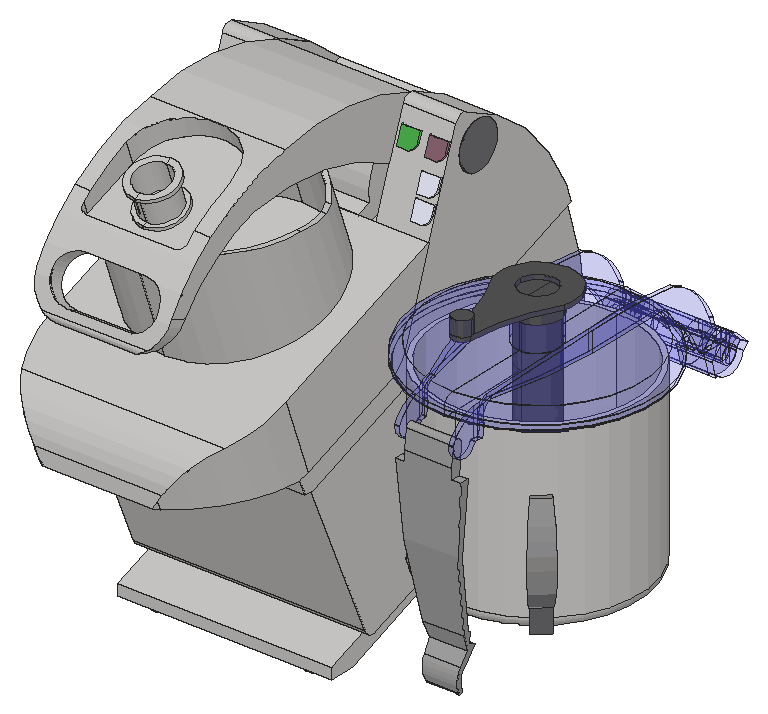
Revit family "QF_ELECTROLUXPROFESSIONAL_600494_TRK55YU", category Specialty Equipment, Revit 2018 (continued)
Definition of nested family "QF_600493_BOWL"
  Lines and regions (mm)
    symbolic lines
      curve 50: arc (40.771, 54.948, 0) -> (114.476, -69.566, 0) -> (21.15, -180.138, 0) r 124.909
      curve 51: arc (-60.771, 41.751, 0) -> (-122.562, -68.863, 0) -> (-42.781, -167.295, 0) r 112.979
      curve 52: line (93.154, -162.392, 0) -> (78.293, -147.531, 0)
      curve 53: line (93.154, -162.392, 0) -> (74.048, -178.424, 0)
      curve 54: line (74.048, -178.424, 0) -> (61.96, -161.274, 0)
      curve 55: arc (-37.781, -168.686, 0) -> (-23.999, -171.284, 0) -> (-10, -172.155, 0) r 112.979
      curve 56: arc (-41.15, -180.138, 0) -> (-94.625, -151.05, 0) -> (-128, -100.142, 0) r 124.909
      curve 57: arc (22.781, -167.295, 0) -> (102.562, -68.863, 0) -> (40.771, 41.751, 0) r 112.979
      curve 58: arc (16.15, -181.317, 0) -> (3.148, -183.391, 0) -> (-10, -184.085, 0) r 124.909
      curve 59: line (16.15, -211, 0) -> (16.15, -177.864, 0)
      curve 60: line (-36.15, -211, 0) -> (-36.15, -177.864, 0)
      curve 61: line (-41.15, -211, 0) -> (21.15, -211, 0)
      curve 62: line (22.008, -210.888, 0) -> (22.008, -197.61, 0)
      curve 63: spline (-42.008, -197.61, 0) -> (-41.937, -197.617, 0) -> (-41.865, -197.622, 0) -> (-41.794, -197.626, 0) -> (-41.722, -197.627, 0) -> (-41.651, -197.627, 0) -> (-41.579, -197.625, 0) -> (-41.508, -197.621, 0) -> (-41.436, -197.615, 0) -> (-41.365, -197.608, 0) -> (-41.293, -197.598, 0) -> (-41.222, -197.587, 0) -> (-41.15, -197.574, 0)
      curve 64: line (-42.008, -210.888, 0) -> (-42.008, -197.61, 0)
      curve 65: arc (-128, -18.211, 0) -> (-101.973, 25.34, 0) -> (-60.771, 54.948, 0) r 124.909
      curve 66: arc (-128, -100.142, 0) -> (-134.909, -59.177, 0) -> (-128, -18.211, 0) r 124.909
      curve 67: line (-108, -177.764, 0) -> (-49.233, -177.764, 0)
      curve 68: line (-128, 191, 0) -> (-128, -17.764, 0)
      curve 69: line (29.233, -177.764, 0) -> (108, -177.764, 0)
      curve 70: line (-128, -97.764, 0) -> (-128, -157.764, 0)
      curve 71: line (-108, 211, 0) -> (108, 211, 0)
      curve 72: arc (-128, -157.764, 0) -> (-122.142, -171.906, 0) -> (-108, -177.764, 0) r 20
      curve 73: arc (108, -177.764, 0) -> (122.142, -171.906, 0) -> (128, -157.764, 0) r 20
      curve 74: arc (128, 191, 0) -> (122.142, 205.142, 0) -> (108, 211, 0) r 20
      curve 75: arc (-108, 211, 0) -> (-122.142, 205.142, 0) -> (-128, 191, 0) r 20
      curve 76: line (45.852, 123.86, 0) -> (-71.073, 123.86, 0)
      curve 77: line (45.852, 137.378, 0) -> (-65.852, 137.378, 0)
      curve 78: line (45.852, 143.082, 0) -> (-65.852, 143.082, 0)
      curve 79: line (53.607, 123.86, 0) -> (45.852, 123.86, 0)
      curve 80: line (45.852, 123.86, 0) -> (45.852, 170.216, 0)
      curve 81: line (45.852, 170.216, 0) -> (-65.852, 170.216, 0)
      curve 82: line (-65.852, 170.216, 0) -> (-65.852, 123.86, 0)
      curve 83: line (102.599, 101.361, 0) -> (117.599, 101.361, 0)
  Dimensions and locks
    plane 4 "TOP" to level = 705.4 mm  (x2)
    plane 7 "LEFT" to plane 3 "Center (Left/Right)" to plane 8 "RIGHT" = 128 mm, 128 mm
    plane 6 "BACK" to plane 1 "Center (Front/Back)" to plane 5 "FRONT" = 211 mm, 211 mm
    plane 6 "BACK" to plane 5 "FRONT" = 422 mm
    plane 7 "LEFT" to plane 8 "RIGHT" = 256 mm
    plane 9 "CenterX" to plane 3 "Center (Left/Right)" = 10 mm
    plane 12 to level = 510 mm
    aligned and locked: level to plane 2
    aligned and locked: Extrusion 5 to cut or joined group of Extrusion 8, Extrusion 9, Extrusion 11, Extrusion 20
